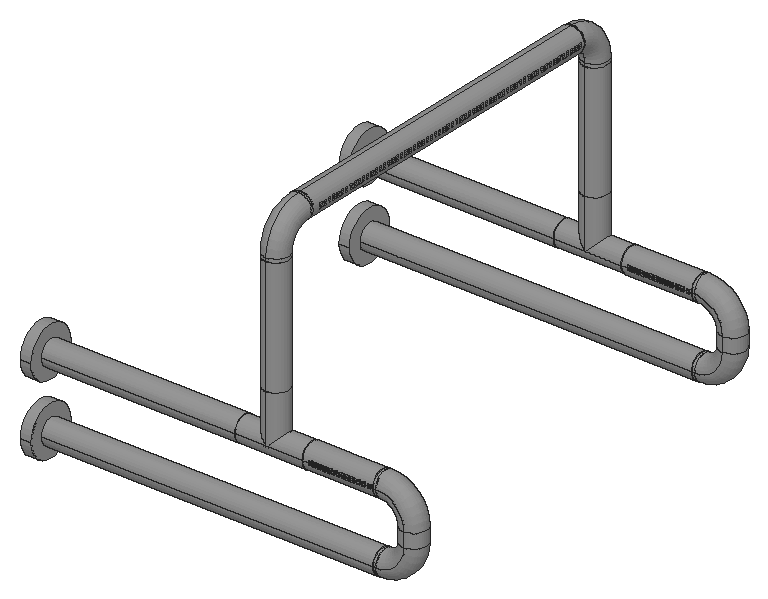
Revit family "Tube Coated Handicap Grab Bar White_IN", category Pipe Accessories, Revit 2017 (continued)
Forms (mm)
  Extrusion 354, solid, material "NYLONS"
    sketch origin (669.29, 188.593, 2.506) x (0, 1, 0) y (0, 0, -1)
      loop
        spline (93.449, -415.815) -> (93.523, -415.677) -> (93.583, -415.541) -> (93.63, -415.407) -> (93.663, -415.274) -> (93.684, -415.144) -> (93.69, -415.016) -> (93.684, -414.89) -> (93.663, -414.766) -> (93.63, -414.644) -> (93.583, -414.523) -> (93.523, -414.405) -> (93.449, -414.289)
        line (93.449, -414.289) -> (90.004, -414.289)
        spline (90.004, -414.289) -> (89.912, -414.417) -> (89.837, -414.546) -> (89.779, -414.674) -> (89.737, -414.801) -> (89.712, -414.929) -> (89.703, -415.056) -> (89.712, -415.183) -> (89.737, -415.31) -> (89.779, -415.437) -> (89.837, -415.563) -> (89.912, -415.689) -> (90.004, -415.815)
    from 317.061 to 318.374
  Extrusion 355, solid, material "NYLONS"
    sketch origin (669.29, 188.593, -2.612) x (0, 1, 0) y (0, 0, -1)
      loop
        line (90.004, -415.815) -> (93.449, -415.815)
        spline (93.449, -415.815) -> (93.523, -415.677) -> (93.583, -415.541) -> (93.63, -415.407) -> (93.663, -415.274) -> (93.684, -415.144) -> (93.69, -415.016) -> (93.684, -414.89) -> (93.663, -414.766) -> (93.63, -414.644) -> (93.583, -414.523) -> (93.523, -414.405) -> (93.449, -414.289)
        line (93.449, -414.289) -> (90.004, -414.289)
        spline (90.004, -414.289) -> (89.912, -414.417) -> (89.837, -414.546) -> (89.779, -414.674) -> (89.737, -414.801) -> (89.712, -414.929) -> (89.703, -415.056) -> (89.712, -415.183) -> (89.737, -415.31) -> (89.779, -415.437) -> (89.837, -415.563) -> (89.912, -415.689) -> (90.004, -415.815)
    from 317.061 to 318.374
  Extrusion 356, solid, material "NYLONS"
    sketch origin (669.29, 195.773, 0) x (0, 1, 0) y (0, 0, -1)
      loop
        line (90.004, -415.815) -> (93.449, -415.815)
        spline (93.449, -415.815) -> (93.523, -415.677) -> (93.583, -415.541) -> (93.63, -415.407) -> (93.663, -415.274) -> (93.684, -415.144) -> (93.69, -415.016) -> (93.684, -414.89) -> (93.663, -414.766) -> (93.63, -414.644) -> (93.583, -414.523) -> (93.523, -414.405) -> (93.449, -414.289)
        line (93.449, -414.289) -> (90.004, -414.289)
        spline (90.004, -414.289) -> (89.912, -414.417) -> (89.837, -414.546) -> (89.779, -414.674) -> (89.737, -414.801) -> (89.712, -414.929) -> (89.703, -415.056) -> (89.712, -415.183) -> (89.737, -415.31) -> (89.779, -415.437) -> (89.837, -415.563) -> (89.912, -415.689) -> (90.004, -415.815)
    from 317.061 to 318.374
  Extrusion 357, solid, material "NYLONS"
    sketch origin (669.29, 195.773, 2.506) x (0, 1, 0) y (0, 0, -1)
      loop
        line (90.004, -415.815) -> (93.449, -415.815)
        spline (93.449, -415.815) -> (93.523, -415.677) -> (93.583, -415.541) -> (93.63, -415.407) -> (93.663, -415.274) -> (93.684, -415.144) -> (93.69, -415.016) -> (93.684, -414.89) -> (93.663, -414.766) -> (93.63, -414.644) -> (93.583, -414.523) -> (93.523, -414.405) -> (93.449, -414.289)
        line (93.449, -414.289) -> (90.004, -414.289)
        spline (90.004, -414.289) -> (89.912, -414.417) -> (89.837, -414.546) -> (89.779, -414.674) -> (89.737, -414.801) -> (89.712, -414.929) -> (89.703, -415.056) -> (89.712, -415.183) -> (89.737, -415.31) -> (89.779, -415.437) -> (89.837, -415.563) -> (89.912, -415.689) -> (90.004, -415.815)
    from 317.061 to 318.374
  Extrusion 358, solid, material "NYLONS"
    sketch origin (669.29, 195.773, -2.612) x (0, 1, 0) y (0, 0, -1)
      loop
        line (90.004, -415.815) -> (93.449, -415.815)
        spline (93.449, -415.815) -> (93.523, -415.677) -> (93.583, -415.541) -> (93.63, -415.407) -> (93.663, -415.274) -> (93.684, -415.144) -> (93.69, -415.016) -> (93.684, -414.89) -> (93.663, -414.766) -> (93.63, -414.644) -> (93.583, -414.523) -> (93.523, -414.405) -> (93.449, -414.289)
        line (93.449, -414.289) -> (90.004, -414.289)
        spline (90.004, -414.289) -> (89.912, -414.417) -> (89.837, -414.546) -> (89.779, -414.674) -> (89.737, -414.801) -> (89.712, -414.929) -> (89.703, -415.056) -> (89.712, -415.183) -> (89.737, -415.31) -> (89.779, -415.437) -> (89.837, -415.563) -> (89.912, -415.689) -> (90.004, -415.815)
    from 317.061 to 318.374
  Extrusion 359, solid, material "NYLONS"
    sketch origin (669.29, 202.954, 0) x (0, 1, 0) y (0, 0, -1)
      loop
        line (90.004, -415.815) -> (93.449, -415.815)
        spline (93.449, -415.815) -> (93.523, -415.677) -> (93.583, -415.541) -> (93.63, -415.407) -> (93.663, -415.274) -> (93.684, -415.144) -> (93.69, -415.016) -> (93.684, -414.89) -> (93.663, -414.766) -> (93.63, -414.644) -> (93.583, -414.523) -> (93.523, -414.405) -> (93.449, -414.289)
        line (93.449, -414.289) -> (90.004, -414.289)
        spline (90.004, -414.289) -> (89.912, -414.417) -> (89.837, -414.546) -> (89.779, -414.674) -> (89.737, -414.801) -> (89.712, -414.929) -> (89.703, -415.056) -> (89.712, -415.183) -> (89.737, -415.31) -> (89.779, -415.437) -> (89.837, -415.563) -> (89.912, -415.689) -> (90.004, -415.815)
    from 317.061 to 318.374
  Extrusion 360, solid, material "NYLONS"
    sketch origin (669.29, 202.954, 2.506) x (0, 1, 0) y (0, 0, -1)
      loop
        line (90.004, -415.815) -> (93.449, -415.815)
        spline (93.449, -415.815) -> (93.523, -415.677) -> (93.583, -415.541) -> (93.63, -415.407) -> (93.663, -415.274) -> (93.684, -415.144) -> (93.69, -415.016) -> (93.684, -414.89) -> (93.663, -414.766) -> (93.63, -414.644) -> (93.583, -414.523) -> (93.523, -414.405) -> (93.449, -414.289)
        line (93.449, -414.289) -> (90.004, -414.289)
        spline (90.004, -414.289) -> (89.912, -414.417) -> (89.837, -414.546) -> (89.779, -414.674) -> (89.737, -414.801) -> (89.712, -414.929) -> (89.703, -415.056) -> (89.712, -415.183) -> (89.737, -415.31) -> (89.779, -415.437) -> (89.837, -415.563) -> (89.912, -415.689) -> (90.004, -415.815)
    from 317.061 to 318.374
  Extrusion 361, solid, material "NYLONS"
    sketch origin (669.29, 202.954, -2.612) x (0, 1, 0) y (0, 0, -1)
      loop
        line (90.004, -415.815) -> (93.449, -415.815)
        spline (93.449, -415.815) -> (93.523, -415.677) -> (93.583, -415.541) -> (93.63, -415.407) -> (93.663, -415.274) -> (93.684, -415.144) -> (93.69, -415.016) -> (93.684, -414.89) -> (93.663, -414.766) -> (93.63, -414.644) -> (93.583, -414.523) -> (93.523, -414.405) -> (93.449, -414.289)
        line (93.449, -414.289) -> (90.004, -414.289)
        spline (90.004, -414.289) -> (89.912, -414.417) -> (89.837, -414.546) -> (89.779, -414.674) -> (89.737, -414.801) -> (89.712, -414.929) -> (89.703, -415.056) -> (89.712, -415.183) -> (89.737, -415.31) -> (89.779, -415.437) -> (89.837, -415.563) -> (89.912, -415.689) -> (90.004, -415.815)
    from 317.061 to 318.374
  Extrusion 362, solid, material "NYLONS"
    sketch origin (669.29, 210.382, 0) x (0, 1, 0) y (0, 0, -1)
      loop
        line (90.004, -415.815) -> (93.449, -415.815)
        spline (93.449, -415.815) -> (93.523, -415.677) -> (93.583, -415.541) -> (93.63, -415.407) -> (93.663, -415.274) -> (93.684, -415.144) -> (93.69, -415.016) -> (93.684, -414.89) -> (93.663, -414.766) -> (93.63, -414.644) -> (93.583, -414.523) -> (93.523, -414.405) -> (93.449, -414.289)
        line (93.449, -414.289) -> (90.004, -414.289)
        spline (90.004, -414.289) -> (89.912, -414.417) -> (89.837, -414.546) -> (89.779, -414.674) -> (89.737, -414.801) -> (89.712, -414.929) -> (89.703, -415.056) -> (89.712, -415.183) -> (89.737, -415.31) -> (89.779, -415.437) -> (89.837, -415.563) -> (89.912, -415.689) -> (90.004, -415.815)
    from 317.061 to 318.374
  Extrusion 363, solid, material "NYLONS"
    sketch origin (669.29, 210.382, 2.506) x (0, 1, 0) y (0, 0, -1)
      loop
        line (90.004, -415.815) -> (93.449, -415.815)
        spline (93.449, -415.815) -> (93.523, -415.677) -> (93.583, -415.541) -> (93.63, -415.407) -> (93.663, -415.274) -> (93.684, -415.144) -> (93.69, -415.016) -> (93.684, -414.89) -> (93.663, -414.766) -> (93.63, -414.644) -> (93.583, -414.523) -> (93.523, -414.405) -> (93.449, -414.289)
        line (93.449, -414.289) -> (90.004, -414.289)
        spline (90.004, -414.289) -> (89.912, -414.417) -> (89.837, -414.546) -> (89.779, -414.674) -> (89.737, -414.801) -> (89.712, -414.929) -> (89.703, -415.056) -> (89.712, -415.183) -> (89.737, -415.31) -> (89.779, -415.437) -> (89.837, -415.563) -> (89.912, -415.689) -> (90.004, -415.815)
    from 317.061 to 318.374
  Extrusion 364, solid, material "NYLONS"
    sketch origin (669.29, 210.382, -2.612) x (0, 1, 0) y (0, 0, -1)
      loop
        line (90.004, -415.815) -> (93.449, -415.815)
        spline (93.449, -415.815) -> (93.523, -415.677) -> (93.583, -415.541) -> (93.63, -415.407) -> (93.663, -415.274) -> (93.684, -415.144) -> (93.69, -415.016) -> (93.684, -414.89) -> (93.663, -414.766) -> (93.63, -414.644) -> (93.583, -414.523) -> (93.523, -414.405) -> (93.449, -414.289)
        line (93.449, -414.289) -> (90.004, -414.289)
        spline (90.004, -414.289) -> (89.912, -414.417) -> (89.837, -414.546) -> (89.779, -414.674) -> (89.737, -414.801) -> (89.712, -414.929) -> (89.703, -415.056) -> (89.712, -415.183) -> (89.737, -415.31) -> (89.779, -415.437) -> (89.837, -415.563) -> (89.912, -415.689) -> (90.004, -415.815)
    from 317.061 to 318.374
  Extrusion 365, solid, material "NYLONS"
    sketch origin (669.29, 218.058, 0) x (0, 1, 0) y (0, 0, -1)
      loop
        line (90.004, -415.815) -> (93.449, -415.815)
        spline (93.449, -415.815) -> (93.523, -415.677) -> (93.583, -415.541) -> (93.63, -415.407) -> (93.663, -415.274) -> (93.684, -415.144) -> (93.69, -415.016) -> (93.684, -414.89) -> (93.663, -414.766) -> (93.63, -414.644) -> (93.583, -414.523) -> (93.523, -414.405) -> (93.449, -414.289)
        line (93.449, -414.289) -> (90.004, -414.289)
        spline (90.004, -414.289) -> (89.912, -414.417) -> (89.837, -414.546) -> (89.779, -414.674) -> (89.737, -414.801) -> (89.712, -414.929) -> (89.703, -415.056) -> (89.712, -415.183) -> (89.737, -415.31) -> (89.779, -415.437) -> (89.837, -415.563) -> (89.912, -415.689) -> (90.004, -415.815)
    from 317.061 to 318.374
  Extrusion 366, solid, material "NYLONS"
    sketch origin (669.29, 218.058, 2.506) x (0, 1, 0) y (0, 0, -1)
      loop
        line (90.004, -415.815) -> (93.449, -415.815)
        spline (93.449, -415.815) -> (93.523, -415.677) -> (93.583, -415.541) -> (93.63, -415.407) -> (93.663, -415.274) -> (93.684, -415.144) -> (93.69, -415.016) -> (93.684, -414.89) -> (93.663, -414.766) -> (93.63, -414.644) -> (93.583, -414.523) -> (93.523, -414.405) -> (93.449, -414.289)
        line (93.449, -414.289) -> (90.004, -414.289)
        spline (90.004, -414.289) -> (89.912, -414.417) -> (89.837, -414.546) -> (89.779, -414.674) -> (89.737, -414.801) -> (89.712, -414.929) -> (89.703, -415.056) -> (89.712, -415.183) -> (89.737, -415.31) -> (89.779, -415.437) -> (89.837, -415.563) -> (89.912, -415.689) -> (90.004, -415.815)
    from 317.061 to 318.374
  Extrusion 367, solid, material "NYLONS"
    sketch origin (669.29, 218.058, -2.612) x (0, 1, 0) y (0, 0, -1)
      loop
        line (90.004, -415.815) -> (93.449, -415.815)
        spline (93.449, -415.815) -> (93.523, -415.677) -> (93.583, -415.541) -> (93.63, -415.407) -> (93.663, -415.274) -> (93.684, -415.144) -> (93.69, -415.016) -> (93.684, -414.89) -> (93.663, -414.766) -> (93.63, -414.644) -> (93.583, -414.523) -> (93.523, -414.405) -> (93.449, -414.289)
        line (93.449, -414.289) -> (90.004, -414.289)
        spline (90.004, -414.289) -> (89.912, -414.417) -> (89.837, -414.546) -> (89.779, -414.674) -> (89.737, -414.801) -> (89.712, -414.929) -> (89.703, -415.056) -> (89.712, -415.183) -> (89.737, -415.31) -> (89.779, -415.437) -> (89.837, -415.563) -> (89.912, -415.689) -> (90.004, -415.815)
    from 317.061 to 318.374
  Extrusion 368, solid, material "NYLONS"
    sketch origin (669.29, 225.568, 0) x (0, 1, 0) y (0, 0, -1)
      loop
        line (90.004, -415.815) -> (93.449, -415.815)
        spline (93.449, -415.815) -> (93.523, -415.677) -> (93.583, -415.541) -> (93.63, -415.407) -> (93.663, -415.274) -> (93.684, -415.144) -> (93.69, -415.016) -> (93.684, -414.89) -> (93.663, -414.766) -> (93.63, -414.644) -> (93.583, -414.523) -> (93.523, -414.405) -> (93.449, -414.289)
        line (93.449, -414.289) -> (90.004, -414.289)
        spline (90.004, -414.289) -> (89.912, -414.417) -> (89.837, -414.546) -> (89.779, -414.674) -> (89.737, -414.801) -> (89.712, -414.929) -> (89.703, -415.056) -> (89.712, -415.183) -> (89.737, -415.31) -> (89.779, -415.437) -> (89.837, -415.563) -> (89.912, -415.689) -> (90.004, -415.815)
    from 317.061 to 318.374
  Extrusion 369, solid, material "NYLONS"
    sketch origin (669.29, 225.568, 2.506) x (0, 1, 0) y (0, 0, -1)
      loop
        line (90.004, -415.815) -> (93.449, -415.815)
        spline (93.449, -415.815) -> (93.523, -415.677) -> (93.583, -415.541) -> (93.63, -415.407) -> (93.663, -415.274) -> (93.684, -415.144) -> (93.69, -415.016) -> (93.684, -414.89) -> (93.663, -414.766) -> (93.63, -414.644) -> (93.583, -414.523) -> (93.523, -414.405) -> (93.449, -414.289)
        line (93.449, -414.289) -> (90.004, -414.289)
        spline (90.004, -414.289) -> (89.912, -414.417) -> (89.837, -414.546) -> (89.779, -414.674) -> (89.737, -414.801) -> (89.712, -414.929) -> (89.703, -415.056) -> (89.712, -415.183) -> (89.737, -415.31) -> (89.779, -415.437) -> (89.837, -415.563) -> (89.912, -415.689) -> (90.004, -415.815)
    from 317.061 to 318.374
  Extrusion 370, solid, material "NYLONS"
    sketch origin (669.29, 225.568, -2.612) x (0, 1, 0) y (0, 0, -1)
      loop
        line (90.004, -415.815) -> (93.449, -415.815)
        spline (93.449, -415.815) -> (93.523, -415.677) -> (93.583, -415.541) -> (93.63, -415.407) -> (93.663, -415.274) -> (93.684, -415.144) -> (93.69, -415.016) -> (93.684, -414.89) -> (93.663, -414.766) -> (93.63, -414.644) -> (93.583, -414.523) -> (93.523, -414.405) -> (93.449, -414.289)
        line (93.449, -414.289) -> (90.004, -414.289)
        spline (90.004, -414.289) -> (89.912, -414.417) -> (89.837, -414.546) -> (89.779, -414.674) -> (89.737, -414.801) -> (89.712, -414.929) -> (89.703, -415.056) -> (89.712, -415.183) -> (89.737, -415.31) -> (89.779, -415.437) -> (89.837, -415.563) -> (89.912, -415.689) -> (90.004, -415.815)
    from 317.061 to 318.374
  Extrusion 371, solid, material "NYLONS"
    sketch origin (669.29, 232.976, 0) x (0, 1, 0) y (0, 0, -1)
      loop
        line (90.004, -415.815) -> (93.449, -415.815)
        spline (93.449, -415.815) -> (93.523, -415.677) -> (93.583, -415.541) -> (93.63, -415.407) -> (93.663, -415.274) -> (93.684, -415.144) -> (93.69, -415.016) -> (93.684, -414.89) -> (93.663, -414.766) -> (93.63, -414.644) -> (93.583, -414.523) -> (93.523, -414.405) -> (93.449, -414.289)
        line (93.449, -414.289) -> (90.004, -414.289)
        spline (90.004, -414.289) -> (89.912, -414.417) -> (89.837, -414.546) -> (89.779, -414.674) -> (89.737, -414.801) -> (89.712, -414.929) -> (89.703, -415.056) -> (89.712, -415.183) -> (89.737, -415.31) -> (89.779, -415.437) -> (89.837, -415.563) -> (89.912, -415.689) -> (90.004, -415.815)
    from 317.061 to 318.374
  Extrusion 372, solid, material "NYLONS"
    sketch origin (669.29, 232.976, 2.506) x (0, 1, 0) y (0, 0, -1)
      loop
        line (90.004, -415.815) -> (93.449, -415.815)
        spline (93.449, -415.815) -> (93.523, -415.677) -> (93.583, -415.541) -> (93.63, -415.407) -> (93.663, -415.274) -> (93.684, -415.144) -> (93.69, -415.016) -> (93.684, -414.89) -> (93.663, -414.766) -> (93.63, -414.644) -> (93.583, -414.523) -> (93.523, -414.405) -> (93.449, -414.289)
        line (93.449, -414.289) -> (90.004, -414.289)
        spline (90.004, -414.289) -> (89.912, -414.417) -> (89.837, -414.546) -> (89.779, -414.674) -> (89.737, -414.801) -> (89.712, -414.929) -> (89.703, -415.056) -> (89.712, -415.183) -> (89.737, -415.31) -> (89.779, -415.437) -> (89.837, -415.563) -> (89.912, -415.689) -> (90.004, -415.815)
    from 317.061 to 318.374
  Extrusion 373, solid, material "NYLONS"
    sketch origin (669.29, 232.976, -2.612) x (0, 1, 0) y (0, 0, -1)
      loop
        line (90.004, -415.815) -> (93.449, -415.815)
        spline (93.449, -415.815) -> (93.523, -415.677) -> (93.583, -415.541) -> (93.63, -415.407) -> (93.663, -415.274) -> (93.684, -415.144) -> (93.69, -415.016) -> (93.684, -414.89) -> (93.663, -414.766) -> (93.63, -414.644) -> (93.583, -414.523) -> (93.523, -414.405) -> (93.449, -414.289)
        line (93.449, -414.289) -> (90.004, -414.289)
        spline (90.004, -414.289) -> (89.912, -414.417) -> (89.837, -414.546) -> (89.779, -414.674) -> (89.737, -414.801) -> (89.712, -414.929) -> (89.703, -415.056) -> (89.712, -415.183) -> (89.737, -415.31) -> (89.779, -415.437) -> (89.837, -415.563) -> (89.912, -415.689) -> (90.004, -415.815)
    from 317.061 to 318.374
  Extrusion 374, solid, material "NYLONS"
    sketch origin (669.29, 240.584, 0) x (0, 1, 0) y (0, 0, -1)
      loop
        line (90.004, -415.815) -> (93.449, -415.815)
        spline (93.449, -415.815) -> (93.523, -415.677) -> (93.583, -415.541) -> (93.63, -415.407) -> (93.663, -415.274) -> (93.684, -415.144) -> (93.69, -415.016) -> (93.684, -414.89) -> (93.663, -414.766) -> (93.63, -414.644) -> (93.583, -414.523) -> (93.523, -414.405) -> (93.449, -414.289)
        line (93.449, -414.289) -> (90.004, -414.289)
        spline (90.004, -414.289) -> (89.912, -414.417) -> (89.837, -414.546) -> (89.779, -414.674) -> (89.737, -414.801) -> (89.712, -414.929) -> (89.703, -415.056) -> (89.712, -415.183) -> (89.737, -415.31) -> (89.779, -415.437) -> (89.837, -415.563) -> (89.912, -415.689) -> (90.004, -415.815)
    from 317.061 to 318.374
  Extrusion 375, solid, material "NYLONS"
    sketch origin (669.29, 240.584, 2.506) x (0, 1, 0) y (0, 0, -1)
      loop
        line (90.004, -415.815) -> (93.449, -415.815)
        spline (93.449, -415.815) -> (93.523, -415.677) -> (93.583, -415.541) -> (93.63, -415.407) -> (93.663, -415.274) -> (93.684, -415.144) -> (93.69, -415.016) -> (93.684, -414.89) -> (93.663, -414.766) -> (93.63, -414.644) -> (93.583, -414.523) -> (93.523, -414.405) -> (93.449, -414.289)
        line (93.449, -414.289) -> (90.004, -414.289)
        spline (90.004, -414.289) -> (89.912, -414.417) -> (89.837, -414.546) -> (89.779, -414.674) -> (89.737, -414.801) -> (89.712, -414.929) -> (89.703, -415.056) -> (89.712, -415.183) -> (89.737, -415.31) -> (89.779, -415.437) -> (89.837, -415.563) -> (89.912, -415.689) -> (90.004, -415.815)
    from 317.061 to 318.374
  Extrusion 376, solid, material "NYLONS"
    sketch origin (669.29, 240.584, -2.612) x (0, 1, 0) y (0, 0, -1)
      loop
        line (90.004, -415.815) -> (93.449, -415.815)
        spline (93.449, -415.815) -> (93.523, -415.677) -> (93.583, -415.541) -> (93.63, -415.407) -> (93.663, -415.274) -> (93.684, -415.144) -> (93.69, -415.016) -> (93.684, -414.89) -> (93.663, -414.766) -> (93.63, -414.644) -> (93.583, -414.523) -> (93.523, -414.405) -> (93.449, -414.289)
        line (93.449, -414.289) -> (90.004, -414.289)
        spline (90.004, -414.289) -> (89.912, -414.417) -> (89.837, -414.546) -> (89.779, -414.674) -> (89.737, -414.801) -> (89.712, -414.929) -> (89.703, -415.056) -> (89.712, -415.183) -> (89.737, -415.31) -> (89.779, -415.437) -> (89.837, -415.563) -> (89.912, -415.689) -> (90.004, -415.815)
    from 317.061 to 318.374
  Extrusion 377, solid, material "NYLONS"
    sketch origin (669.29, 248.12, 0) x (0, 1, 0) y (0, 0, -1)
      loop
        line (90.004, -415.815) -> (93.449, -415.815)
        spline (93.449, -415.815) -> (93.523, -415.677) -> (93.583, -415.541) -> (93.63, -415.407) -> (93.663, -415.274) -> (93.684, -415.144) -> (93.69, -415.016) -> (93.684, -414.89) -> (93.663, -414.766) -> (93.63, -414.644) -> (93.583, -414.523) -> (93.523, -414.405) -> (93.449, -414.289)
        line (93.449, -414.289) -> (90.004, -414.289)
        spline (90.004, -414.289) -> (89.912, -414.417) -> (89.837, -414.546) -> (89.779, -414.674) -> (89.737, -414.801) -> (89.712, -414.929) -> (89.703, -415.056) -> (89.712, -415.183) -> (89.737, -415.31) -> (89.779, -415.437) -> (89.837, -415.563) -> (89.912, -415.689) -> (90.004, -415.815)
    from 317.061 to 318.374
  Extrusion 378, solid, material "NYLONS"
    sketch origin (669.29, 248.12, 2.506) x (0, 1, 0) y (0, 0, -1)
      loop
        line (90.004, -415.815) -> (93.449, -415.815)
        spline (93.449, -415.815) -> (93.523, -415.677) -> (93.583, -415.541) -> (93.63, -415.407) -> (93.663, -415.274) -> (93.684, -415.144) -> (93.69, -415.016) -> (93.684, -414.89) -> (93.663, -414.766) -> (93.63, -414.644) -> (93.583, -414.523) -> (93.523, -414.405) -> (93.449, -414.289)
        line (93.449, -414.289) -> (90.004, -414.289)
        spline (90.004, -414.289) -> (89.912, -414.417) -> (89.837, -414.546) -> (89.779, -414.674) -> (89.737, -414.801) -> (89.712, -414.929) -> (89.703, -415.056) -> (89.712, -415.183) -> (89.737, -415.31) -> (89.779, -415.437) -> (89.837, -415.563) -> (89.912, -415.689) -> (90.004, -415.815)
    from 317.061 to 318.374
  Extrusion 379, solid, material "NYLONS"
    sketch origin (669.29, 248.12, -2.612) x (0, 1, 0) y (0, 0, -1)
      loop
        line (90.004, -415.815) -> (93.449, -415.815)
        spline (93.449, -415.815) -> (93.523, -415.677) -> (93.583, -415.541) -> (93.63, -415.407) -> (93.663, -415.274) -> (93.684, -415.144) -> (93.69, -415.016) -> (93.684, -414.89) -> (93.663, -414.766) -> (93.63, -414.644) -> (93.583, -414.523) -> (93.523, -414.405) -> (93.449, -414.289)
        line (93.449, -414.289) -> (90.004, -414.289)
        spline (90.004, -414.289) -> (89.912, -414.417) -> (89.837, -414.546) -> (89.779, -414.674) -> (89.737, -414.801) -> (89.712, -414.929) -> (89.703, -415.056) -> (89.712, -415.183) -> (89.737, -415.31) -> (89.779, -415.437) -> (89.837, -415.563) -> (89.912, -415.689) -> (90.004, -415.815)
    from 317.061 to 318.374
  Extrusion 380, solid, material "NYLONS"
    sketch origin (669.29, 255.62, 0) x (0, 1, 0) y (0, 0, -1)
      loop
        line (90.004, -415.815) -> (93.449, -415.815)
        spline (93.449, -415.815) -> (93.523, -415.677) -> (93.583, -415.541) -> (93.63, -415.407) -> (93.663, -415.274) -> (93.684, -415.144) -> (93.69, -415.016) -> (93.684, -414.89) -> (93.663, -414.766) -> (93.63, -414.644) -> (93.583, -414.523) -> (93.523, -414.405) -> (93.449, -414.289)
        line (93.449, -414.289) -> (90.004, -414.289)
        spline (90.004, -414.289) -> (89.912, -414.417) -> (89.837, -414.546) -> (89.779, -414.674) -> (89.737, -414.801) -> (89.712, -414.929) -> (89.703, -415.056) -> (89.712, -415.183) -> (89.737, -415.31) -> (89.779, -415.437) -> (89.837, -415.563) -> (89.912, -415.689) -> (90.004, -415.815)
    from 317.061 to 318.374
  Extrusion 381, solid, material "NYLONS"
    sketch origin (669.29, 255.62, 2.506) x (0, 1, 0) y (0, 0, -1)
      loop
        line (90.004, -415.815) -> (93.449, -415.815)
        spline (93.449, -415.815) -> (93.523, -415.677) -> (93.583, -415.541) -> (93.63, -415.407) -> (93.663, -415.274) -> (93.684, -415.144) -> (93.69, -415.016) -> (93.684, -414.89) -> (93.663, -414.766) -> (93.63, -414.644) -> (93.583, -414.523) -> (93.523, -414.405) -> (93.449, -414.289)
        line (93.449, -414.289) -> (90.004, -414.289)
        spline (90.004, -414.289) -> (89.912, -414.417) -> (89.837, -414.546) -> (89.779, -414.674) -> (89.737, -414.801) -> (89.712, -414.929) -> (89.703, -415.056) -> (89.712, -415.183) -> (89.737, -415.31) -> (89.779, -415.437) -> (89.837, -415.563) -> (89.912, -415.689) -> (90.004, -415.815)
    from 317.061 to 318.374
  Extrusion 382, solid, material "NYLONS"
    sketch origin (669.29, 255.62, -2.612) x (0, 1, 0) y (0, 0, -1)
      loop
        line (90.004, -415.815) -> (93.449, -415.815)
        spline (93.449, -415.815) -> (93.523, -415.677) -> (93.583, -415.541) -> (93.63, -415.407) -> (93.663, -415.274) -> (93.684, -415.144) -> (93.69, -415.016) -> (93.684, -414.89) -> (93.663, -414.766) -> (93.63, -414.644) -> (93.583, -414.523) -> (93.523, -414.405) -> (93.449, -414.289)
        line (93.449, -414.289) -> (90.004, -414.289)
        spline (90.004, -414.289) -> (89.912, -414.417) -> (89.837, -414.546) -> (89.779, -414.674) -> (89.737, -414.801) -> (89.712, -414.929) -> (89.703, -415.056) -> (89.712, -415.183) -> (89.737, -415.31) -> (89.779, -415.437) -> (89.837, -415.563) -> (89.912, -415.689) -> (90.004, -415.815)
    from 317.061 to 318.374
  Extrusion 383, solid, material "NYLONS"
    sketch origin (669.29, 263.191, 0) x (0, 1, 0) y (0, 0, -1)
      loop
        line (90.004, -415.815) -> (93.449, -415.815)
        spline (93.449, -415.815) -> (93.523, -415.677) -> (93.583, -415.541) -> (93.63, -415.407) -> (93.663, -415.274) -> (93.684, -415.144) -> (93.69, -415.016) -> (93.684, -414.89) -> (93.663, -414.766) -> (93.63, -414.644) -> (93.583, -414.523) -> (93.523, -414.405) -> (93.449, -414.289)
        line (93.449, -414.289) -> (90.004, -414.289)
        spline (90.004, -414.289) -> (89.912, -414.417) -> (89.837, -414.546) -> (89.779, -414.674) -> (89.737, -414.801) -> (89.712, -414.929) -> (89.703, -415.056) -> (89.712, -415.183) -> (89.737, -415.31) -> (89.779, -415.437) -> (89.837, -415.563) -> (89.912, -415.689) -> (90.004, -415.815)
    from 317.061 to 318.374
  Extrusion 384, solid, material "NYLONS"
    sketch origin (669.29, 263.191, 2.506) x (0, 1, 0) y (0, 0, -1)
      loop
        line (90.004, -415.815) -> (93.449, -415.815)
        spline (93.449, -415.815) -> (93.523, -415.677) -> (93.583, -415.541) -> (93.63, -415.407) -> (93.663, -415.274) -> (93.684, -415.144) -> (93.69, -415.016) -> (93.684, -414.89) -> (93.663, -414.766) -> (93.63, -414.644) -> (93.583, -414.523) -> (93.523, -414.405) -> (93.449, -414.289)
        line (93.449, -414.289) -> (90.004, -414.289)
        spline (90.004, -414.289) -> (89.912, -414.417) -> (89.837, -414.546) -> (89.779, -414.674) -> (89.737, -414.801) -> (89.712, -414.929) -> (89.703, -415.056) -> (89.712, -415.183) -> (89.737, -415.31) -> (89.779, -415.437) -> (89.837, -415.563) -> (89.912, -415.689) -> (90.004, -415.815)
    from 317.061 to 318.374
  Extrusion 385, solid, material "NYLONS"
    sketch origin (669.29, 263.191, -2.612) x (0, 1, 0) y (0, 0, -1)
      loop
        line (90.004, -415.815) -> (93.449, -415.815)
        spline (93.449, -415.815) -> (93.523, -415.677) -> (93.583, -415.541) -> (93.63, -415.407) -> (93.663, -415.274) -> (93.684, -415.144) -> (93.69, -415.016) -> (93.684, -414.89) -> (93.663, -414.766) -> (93.63, -414.644) -> (93.583, -414.523) -> (93.523, -414.405) -> (93.449, -414.289)
        line (93.449, -414.289) -> (90.004, -414.289)
        spline (90.004, -414.289) -> (89.912, -414.417) -> (89.837, -414.546) -> (89.779, -414.674) -> (89.737, -414.801) -> (89.712, -414.929) -> (89.703, -415.056) -> (89.712, -415.183) -> (89.737, -415.31) -> (89.779, -415.437) -> (89.837, -415.563) -> (89.912, -415.689) -> (90.004, -415.815)
    from 317.061 to 318.374
  Extrusion 386, solid, material "NYLONS"
    sketch origin (669.29, 270.799, 0) x (0, 1, 0) y (0, 0, -1)
      loop
        line (90.004, -415.815) -> (93.449, -415.815)
        spline (93.449, -415.815) -> (93.523, -415.677) -> (93.583, -415.541) -> (93.63, -415.407) -> (93.663, -415.274) -> (93.684, -415.144) -> (93.69, -415.016) -> (93.684, -414.89) -> (93.663, -414.766) -> (93.63, -414.644) -> (93.583, -414.523) -> (93.523, -414.405) -> (93.449, -414.289)
        line (93.449, -414.289) -> (90.004, -414.289)
        spline (90.004, -414.289) -> (89.912, -414.417) -> (89.837, -414.546) -> (89.779, -414.674) -> (89.737, -414.801) -> (89.712, -414.929) -> (89.703, -415.056) -> (89.712, -415.183) -> (89.737, -415.31) -> (89.779, -415.437) -> (89.837, -415.563) -> (89.912, -415.689) -> (90.004, -415.815)
    from 317.061 to 318.374
  Extrusion 387, solid, material "NYLONS"
    sketch origin (669.29, 270.799, 2.506) x (0, 1, 0) y (0, 0, -1)
      loop
        line (90.004, -415.815) -> (93.449, -415.815)
        spline (93.449, -415.815) -> (93.523, -415.677) -> (93.583, -415.541) -> (93.63, -415.407) -> (93.663, -415.274) -> (93.684, -415.144) -> (93.69, -415.016) -> (93.684, -414.89) -> (93.663, -414.766) -> (93.63, -414.644) -> (93.583, -414.523) -> (93.523, -414.405) -> (93.449, -414.289)
        line (93.449, -414.289) -> (90.004, -414.289)
        spline (90.004, -414.289) -> (89.912, -414.417) -> (89.837, -414.546) -> (89.779, -414.674) -> (89.737, -414.801) -> (89.712, -414.929) -> (89.703, -415.056) -> (89.712, -415.183) -> (89.737, -415.31) -> (89.779, -415.437) -> (89.837, -415.563) -> (89.912, -415.689) -> (90.004, -415.815)
    from 317.061 to 318.374
  Extrusion 388, solid, material "NYLONS"
    sketch origin (669.29, 270.799, -2.612) x (0, 1, 0) y (0, 0, -1)
      loop
        line (90.004, -415.815) -> (93.449, -415.815)
        spline (93.449, -415.815) -> (93.523, -415.677) -> (93.583, -415.541) -> (93.63, -415.407) -> (93.663, -415.274) -> (93.684, -415.144) -> (93.69, -415.016) -> (93.684, -414.89) -> (93.663, -414.766) -> (93.63, -414.644) -> (93.583, -414.523) -> (93.523, -414.405) -> (93.449, -414.289)
        line (93.449, -414.289) -> (90.004, -414.289)
        spline (90.004, -414.289) -> (89.912, -414.417) -> (89.837, -414.546) -> (89.779, -414.674) -> (89.737, -414.801) -> (89.712, -414.929) -> (89.703, -415.056) -> (89.712, -415.183) -> (89.737, -415.31) -> (89.779, -415.437) -> (89.837, -415.563) -> (89.912, -415.689) -> (90.004, -415.815)
    from 317.061 to 318.374
  Extrusion 389, solid, material "NYLONS"
    sketch origin (669.29, 278.263, 0) x (0, 1, 0) y (0, 0, -1)
      loop
        line (90.004, -415.815) -> (93.449, -415.815)
        spline (93.449, -415.815) -> (93.523, -415.677) -> (93.583, -415.541) -> (93.63, -415.407) -> (93.663, -415.274) -> (93.684, -415.144) -> (93.69, -415.016) -> (93.684, -414.89) -> (93.663, -414.766) -> (93.63, -414.644) -> (93.583, -414.523) -> (93.523, -414.405) -> (93.449, -414.289)
        line (93.449, -414.289) -> (90.004, -414.289)
        spline (90.004, -414.289) -> (89.912, -414.417) -> (89.837, -414.546) -> (89.779, -414.674) -> (89.737, -414.801) -> (89.712, -414.929) -> (89.703, -415.056) -> (89.712, -415.183) -> (89.737, -415.31) -> (89.779, -415.437) -> (89.837, -415.563) -> (89.912, -415.689) -> (90.004, -415.815)
    from 317.061 to 318.374
  Extrusion 390, solid, material "NYLONS"
    sketch origin (669.29, 278.263, 2.506) x (0, 1, 0) y (0, 0, -1)
      loop
        line (90.004, -415.815) -> (93.449, -415.815)
        spline (93.449, -415.815) -> (93.523, -415.677) -> (93.583, -415.541) -> (93.63, -415.407) -> (93.663, -415.274) -> (93.684, -415.144) -> (93.69, -415.016) -> (93.684, -414.89) -> (93.663, -414.766) -> (93.63, -414.644) -> (93.583, -414.523) -> (93.523, -414.405) -> (93.449, -414.289)
        line (93.449, -414.289) -> (90.004, -414.289)
        spline (90.004, -414.289) -> (89.912, -414.417) -> (89.837, -414.546) -> (89.779, -414.674) -> (89.737, -414.801) -> (89.712, -414.929) -> (89.703, -415.056) -> (89.712, -415.183) -> (89.737, -415.31) -> (89.779, -415.437) -> (89.837, -415.563) -> (89.912, -415.689) -> (90.004, -415.815)
    from 317.061 to 318.374
  Extrusion 391, solid, material "NYLONS"
    sketch origin (669.29, 278.263, -2.612) x (0, 1, 0) y (0, 0, -1)
      loop
        line (90.004, -415.815) -> (93.449, -415.815)
        spline (93.449, -415.815) -> (93.523, -415.677) -> (93.583, -415.541) -> (93.63, -415.407) -> (93.663, -415.274) -> (93.684, -415.144) -> (93.69, -415.016) -> (93.684, -414.89) -> (93.663, -414.766) -> (93.63, -414.644) -> (93.583, -414.523) -> (93.523, -414.405) -> (93.449, -414.289)
        line (93.449, -414.289) -> (90.004, -414.289)
        spline (90.004, -414.289) -> (89.912, -414.417) -> (89.837, -414.546) -> (89.779, -414.674) -> (89.737, -414.801) -> (89.712, -414.929) -> (89.703, -415.056) -> (89.712, -415.183) -> (89.737, -415.31) -> (89.779, -415.437) -> (89.837, -415.563) -> (89.912, -415.689) -> (90.004, -415.815)
    from 317.061 to 318.374
  Extrusion 392, solid, material "NYLONS"
    sketch origin (669.29, 285.799, 0) x (0, 1, 0) y (0, 0, -1)
      loop
        line (90.004, -415.815) -> (93.449, -415.815)
        spline (93.449, -415.815) -> (93.523, -415.677) -> (93.583, -415.541) -> (93.63, -415.407) -> (93.663, -415.274) -> (93.684, -415.144) -> (93.69, -415.016) -> (93.684, -414.89) -> (93.663, -414.766) -> (93.63, -414.644) -> (93.583, -414.523) -> (93.523, -414.405) -> (93.449, -414.289)
        line (93.449, -414.289) -> (90.004, -414.289)
        spline (90.004, -414.289) -> (89.912, -414.417) -> (89.837, -414.546) -> (89.779, -414.674) -> (89.737, -414.801) -> (89.712, -414.929) -> (89.703, -415.056) -> (89.712, -415.183) -> (89.737, -415.31) -> (89.779, -415.437) -> (89.837, -415.563) -> (89.912, -415.689) -> (90.004, -415.815)
    from 317.061 to 318.374
  Extrusion 393, solid, material "NYLONS"
    sketch origin (669.29, 285.799, 2.506) x (0, 1, 0) y (0, 0, -1)
      loop
        line (90.004, -415.815) -> (93.449, -415.815)
        spline (93.449, -415.815) -> (93.523, -415.677) -> (93.583, -415.541) -> (93.63, -415.407) -> (93.663, -415.274) -> (93.684, -415.144) -> (93.69, -415.016) -> (93.684, -414.89) -> (93.663, -414.766) -> (93.63, -414.644) -> (93.583, -414.523) -> (93.523, -414.405) -> (93.449, -414.289)
        line (93.449, -414.289) -> (90.004, -414.289)
        spline (90.004, -414.289) -> (89.912, -414.417) -> (89.837, -414.546) -> (89.779, -414.674) -> (89.737, -414.801) -> (89.712, -414.929) -> (89.703, -415.056) -> (89.712, -415.183) -> (89.737, -415.31) -> (89.779, -415.437) -> (89.837, -415.563) -> (89.912, -415.689) -> (90.004, -415.815)
    from 317.061 to 318.374
  Extrusion 394, solid, material "NYLONS"
    sketch origin (669.29, 285.799, -2.612) x (0, 1, 0) y (0, 0, -1)
      loop
        line (90.004, -415.815) -> (93.449, -415.815)
        spline (93.449, -415.815) -> (93.523, -415.677) -> (93.583, -415.541) -> (93.63, -415.407) -> (93.663, -415.274) -> (93.684, -415.144) -> (93.69, -415.016) -> (93.684, -414.89) -> (93.663, -414.766) -> (93.63, -414.644) -> (93.583, -414.523) -> (93.523, -414.405) -> (93.449, -414.289)
        line (93.449, -414.289) -> (90.004, -414.289)
        spline (90.004, -414.289) -> (89.912, -414.417) -> (89.837, -414.546) -> (89.779, -414.674) -> (89.737, -414.801) -> (89.712, -414.929) -> (89.703, -415.056) -> (89.712, -415.183) -> (89.737, -415.31) -> (89.779, -415.437) -> (89.837, -415.563) -> (89.912, -415.689) -> (90.004, -415.815)
    from 317.061 to 318.374
  Extrusion 395, solid, material "NYLONS"
    sketch origin (669.29, 293.406, 0) x (0, 1, 0) y (0, 0, -1)
      loop
        line (90.004, -415.815) -> (93.449, -415.815)
        spline (93.449, -415.815) -> (93.523, -415.677) -> (93.583, -415.541) -> (93.63, -415.407) -> (93.663, -415.274) -> (93.684, -415.144) -> (93.69, -415.016) -> (93.684, -414.89) -> (93.663, -414.766) -> (93.63, -414.644) -> (93.583, -414.523) -> (93.523, -414.405) -> (93.449, -414.289)
        line (93.449, -414.289) -> (90.004, -414.289)
        spline (90.004, -414.289) -> (89.912, -414.417) -> (89.837, -414.546) -> (89.779, -414.674) -> (89.737, -414.801) -> (89.712, -414.929) -> (89.703, -415.056) -> (89.712, -415.183) -> (89.737, -415.31) -> (89.779, -415.437) -> (89.837, -415.563) -> (89.912, -415.689) -> (90.004, -415.815)
    from 317.061 to 318.374
  Extrusion 396, solid, material "NYLONS"
    sketch origin (669.29, 293.406, 2.506) x (0, 1, 0) y (0, 0, -1)
      loop
        line (90.004, -415.815) -> (93.449, -415.815)
        spline (93.449, -415.815) -> (93.523, -415.677) -> (93.583, -415.541) -> (93.63, -415.407) -> (93.663, -415.274) -> (93.684, -415.144) -> (93.69, -415.016) -> (93.684, -414.89) -> (93.663, -414.766) -> (93.63, -414.644) -> (93.583, -414.523) -> (93.523, -414.405) -> (93.449, -414.289)
        line (93.449, -414.289) -> (90.004, -414.289)
        spline (90.004, -414.289) -> (89.912, -414.417) -> (89.837, -414.546) -> (89.779, -414.674) -> (89.737, -414.801) -> (89.712, -414.929) -> (89.703, -415.056) -> (89.712, -415.183) -> (89.737, -415.31) -> (89.779, -415.437) -> (89.837, -415.563) -> (89.912, -415.689) -> (90.004, -415.815)
    from 317.061 to 318.374
  Extrusion 397, solid, material "NYLONS"
    sketch origin (669.29, 293.406, -2.612) x (0, 1, 0) y (0, 0, -1)
      loop
        line (90.004, -415.815) -> (93.449, -415.815)
        spline (93.449, -415.815) -> (93.523, -415.677) -> (93.583, -415.541) -> (93.63, -415.407) -> (93.663, -415.274) -> (93.684, -415.144) -> (93.69, -415.016) -> (93.684, -414.89) -> (93.663, -414.766) -> (93.63, -414.644) -> (93.583, -414.523) -> (93.523, -414.405) -> (93.449, -414.289)
        line (93.449, -414.289) -> (90.004, -414.289)
        spline (90.004, -414.289) -> (89.912, -414.417) -> (89.837, -414.546) -> (89.779, -414.674) -> (89.737, -414.801) -> (89.712, -414.929) -> (89.703, -415.056) -> (89.712, -415.183) -> (89.737, -415.31) -> (89.779, -415.437) -> (89.837, -415.563) -> (89.912, -415.689) -> (90.004, -415.815)
    from 317.061 to 318.374
  Extrusion 398, solid, material "NYLONS"
    sketch origin (669.29, 300.87, 0) x (0, 1, 0) y (0, 0, -1)
      loop
        line (90.004, -415.815) -> (93.449, -415.815)
        spline (93.449, -415.815) -> (93.523, -415.677) -> (93.583, -415.541) -> (93.63, -415.407) -> (93.663, -415.274) -> (93.684, -415.144) -> (93.69, -415.016) -> (93.684, -414.89) -> (93.663, -414.766) -> (93.63, -414.644) -> (93.583, -414.523) -> (93.523, -414.405) -> (93.449, -414.289)
        line (93.449, -414.289) -> (90.004, -414.289)
        spline (90.004, -414.289) -> (89.912, -414.417) -> (89.837, -414.546) -> (89.779, -414.674) -> (89.737, -414.801) -> (89.712, -414.929) -> (89.703, -415.056) -> (89.712, -415.183) -> (89.737, -415.31) -> (89.779, -415.437) -> (89.837, -415.563) -> (89.912, -415.689) -> (90.004, -415.815)
    from 317.061 to 318.374
  Extrusion 399, solid, material "NYLONS"
    sketch origin (669.29, 300.87, 2.506) x (0, 1, 0) y (0, 0, -1)
      loop
        line (90.004, -415.815) -> (93.449, -415.815)
        spline (93.449, -415.815) -> (93.523, -415.677) -> (93.583, -415.541) -> (93.63, -415.407) -> (93.663, -415.274) -> (93.684, -415.144) -> (93.69, -415.016) -> (93.684, -414.89) -> (93.663, -414.766) -> (93.63, -414.644) -> (93.583, -414.523) -> (93.523, -414.405) -> (93.449, -414.289)
        line (93.449, -414.289) -> (90.004, -414.289)
        spline (90.004, -414.289) -> (89.912, -414.417) -> (89.837, -414.546) -> (89.779, -414.674) -> (89.737, -414.801) -> (89.712, -414.929) -> (89.703, -415.056) -> (89.712, -415.183) -> (89.737, -415.31) -> (89.779, -415.437) -> (89.837, -415.563) -> (89.912, -415.689) -> (90.004, -415.815)
    from 317.061 to 318.374
  Extrusion 400, solid, material "NYLONS"
    sketch origin (669.29, 300.87, -2.612) x (0, 1, 0) y (0, 0, -1)
      loop
        line (90.004, -415.815) -> (93.449, -415.815)
        spline (93.449, -415.815) -> (93.523, -415.677) -> (93.583, -415.541) -> (93.63, -415.407) -> (93.663, -415.274) -> (93.684, -415.144) -> (93.69, -415.016) -> (93.684, -414.89) -> (93.663, -414.766) -> (93.63, -414.644) -> (93.583, -414.523) -> (93.523, -414.405) -> (93.449, -414.289)
        line (93.449, -414.289) -> (90.004, -414.289)
        spline (90.004, -414.289) -> (89.912, -414.417) -> (89.837, -414.546) -> (89.779, -414.674) -> (89.737, -414.801) -> (89.712, -414.929) -> (89.703, -415.056) -> (89.712, -415.183) -> (89.737, -415.31) -> (89.779, -415.437) -> (89.837, -415.563) -> (89.912, -415.689) -> (90.004, -415.815)
    from 317.061 to 318.374
  Extrusion 401, solid, material "NYLONS"
    sketch origin (669.29, 308.334, 0) x (0, 1, 0) y (0, 0, -1)
      loop
        line (90.004, -415.815) -> (93.449, -415.815)
        spline (93.449, -415.815) -> (93.523, -415.677) -> (93.583, -415.541) -> (93.63, -415.407) -> (93.663, -415.274) -> (93.684, -415.144) -> (93.69, -415.016) -> (93.684, -414.89) -> (93.663, -414.766) -> (93.63, -414.644) -> (93.583, -414.523) -> (93.523, -414.405) -> (93.449, -414.289)
        line (93.449, -414.289) -> (90.004, -414.289)
        spline (90.004, -414.289) -> (89.912, -414.417) -> (89.837, -414.546) -> (89.779, -414.674) -> (89.737, -414.801) -> (89.712, -414.929) -> (89.703, -415.056) -> (89.712, -415.183) -> (89.737, -415.31) -> (89.779, -415.437) -> (89.837, -415.563) -> (89.912, -415.689) -> (90.004, -415.815)
    from 317.061 to 318.374
  Extrusion 402, solid, material "NYLONS"
    sketch origin (669.29, 308.334, 2.506) x (0, 1, 0) y (0, 0, -1)
      loop
        line (90.004, -415.815) -> (93.449, -415.815)
        spline (93.449, -415.815) -> (93.523, -415.677) -> (93.583, -415.541) -> (93.63, -415.407) -> (93.663, -415.274) -> (93.684, -415.144) -> (93.69, -415.016) -> (93.684, -414.89) -> (93.663, -414.766) -> (93.63, -414.644) -> (93.583, -414.523) -> (93.523, -414.405) -> (93.449, -414.289)
        line (93.449, -414.289) -> (90.004, -414.289)
        spline (90.004, -414.289) -> (89.912, -414.417) -> (89.837, -414.546) -> (89.779, -414.674) -> (89.737, -414.801) -> (89.712, -414.929) -> (89.703, -415.056) -> (89.712, -415.183) -> (89.737, -415.31) -> (89.779, -415.437) -> (89.837, -415.563) -> (89.912, -415.689) -> (90.004, -415.815)
    from 317.061 to 318.374
  Extrusion 403, solid, material "NYLONS"
    sketch origin (669.29, 308.334, -2.612) x (0, 1, 0) y (0, 0, -1)
      loop
        line (90.004, -415.815) -> (93.449, -415.815)
        spline (93.449, -415.815) -> (93.523, -415.677) -> (93.583, -415.541) -> (93.63, -415.407) -> (93.663, -415.274) -> (93.684, -415.144) -> (93.69, -415.016) -> (93.684, -414.89) -> (93.663, -414.766) -> (93.63, -414.644) -> (93.583, -414.523) -> (93.523, -414.405) -> (93.449, -414.289)
        line (93.449, -414.289) -> (90.004, -414.289)
        spline (90.004, -414.289) -> (89.912, -414.417) -> (89.837, -414.546) -> (89.779, -414.674) -> (89.737, -414.801) -> (89.712, -414.929) -> (89.703, -415.056) -> (89.712, -415.183) -> (89.737, -415.31) -> (89.779, -415.437) -> (89.837, -415.563) -> (89.912, -415.689) -> (90.004, -415.815)
    from 317.061 to 318.374
  Extrusion 404, solid, material "NYLONS"
    sketch origin (669.29, 315.798, 0) x (0, 1, 0) y (0, 0, -1)
      loop
        line (90.004, -415.815) -> (93.449, -415.815)
        spline (93.449, -415.815) -> (93.523, -415.677) -> (93.583, -415.541) -> (93.63, -415.407) -> (93.663, -415.274) -> (93.684, -415.144) -> (93.69, -415.016) -> (93.684, -414.89) -> (93.663, -414.766) -> (93.63, -414.644) -> (93.583, -414.523) -> (93.523, -414.405) -> (93.449, -414.289)
        line (93.449, -414.289) -> (90.004, -414.289)
        spline (90.004, -414.289) -> (89.912, -414.417) -> (89.837, -414.546) -> (89.779, -414.674) -> (89.737, -414.801) -> (89.712, -414.929) -> (89.703, -415.056) -> (89.712, -415.183) -> (89.737, -415.31) -> (89.779, -415.437) -> (89.837, -415.563) -> (89.912, -415.689) -> (90.004, -415.815)
    from 317.061 to 318.374
  Extrusion 405, solid, material "NYLONS"
    sketch origin (669.29, 315.798, 2.506) x (0, 1, 0) y (0, 0, -1)
      loop
        line (90.004, -415.815) -> (93.449, -415.815)
        spline (93.449, -415.815) -> (93.523, -415.677) -> (93.583, -415.541) -> (93.63, -415.407) -> (93.663, -415.274) -> (93.684, -415.144) -> (93.69, -415.016) -> (93.684, -414.89) -> (93.663, -414.766) -> (93.63, -414.644) -> (93.583, -414.523) -> (93.523, -414.405) -> (93.449, -414.289)
        line (93.449, -414.289) -> (90.004, -414.289)
        spline (90.004, -414.289) -> (89.912, -414.417) -> (89.837, -414.546) -> (89.779, -414.674) -> (89.737, -414.801) -> (89.712, -414.929) -> (89.703, -415.056) -> (89.712, -415.183) -> (89.737, -415.31) -> (89.779, -415.437) -> (89.837, -415.563) -> (89.912, -415.689) -> (90.004, -415.815)
    from 317.061 to 318.374
  Extrusion 406, solid, material "NYLONS"
    sketch origin (669.29, 315.798, -2.612) x (0, 1, 0) y (0, 0, -1)
      loop
        line (90.004, -415.815) -> (93.449, -415.815)
        spline (93.449, -415.815) -> (93.523, -415.677) -> (93.583, -415.541) -> (93.63, -415.407) -> (93.663, -415.274) -> (93.684, -415.144) -> (93.69, -415.016) -> (93.684, -414.89) -> (93.663, -414.766) -> (93.63, -414.644) -> (93.583, -414.523) -> (93.523, -414.405) -> (93.449, -414.289)
        line (93.449, -414.289) -> (90.004, -414.289)
        spline (90.004, -414.289) -> (89.912, -414.417) -> (89.837, -414.546) -> (89.779, -414.674) -> (89.737, -414.801) -> (89.712, -414.929) -> (89.703, -415.056) -> (89.712, -415.183) -> (89.737, -415.31) -> (89.779, -415.437) -> (89.837, -415.563) -> (89.912, -415.689) -> (90.004, -415.815)
    from 317.061 to 318.374
  Extrusion 407, solid, material "NYLONS"
    sketch origin (669.29, 323.262, 0) x (0, 1, 0) y (0, 0, -1)
      loop
        line (90.004, -415.815) -> (93.449, -415.815)
        spline (93.449, -415.815) -> (93.523, -415.677) -> (93.583, -415.541) -> (93.63, -415.407) -> (93.663, -415.274) -> (93.684, -415.144) -> (93.69, -415.016) -> (93.684, -414.89) -> (93.663, -414.766) -> (93.63, -414.644) -> (93.583, -414.523) -> (93.523, -414.405) -> (93.449, -414.289)
        line (93.449, -414.289) -> (90.004, -414.289)
        spline (90.004, -414.289) -> (89.912, -414.417) -> (89.837, -414.546) -> (89.779, -414.674) -> (89.737, -414.801) -> (89.712, -414.929) -> (89.703, -415.056) -> (89.712, -415.183) -> (89.737, -415.31) -> (89.779, -415.437) -> (89.837, -415.563) -> (89.912, -415.689) -> (90.004, -415.815)
    from 317.061 to 318.374
  Extrusion 408, solid, material "NYLONS"
    sketch origin (669.29, 323.262, 2.506) x (0, 1, 0) y (0, 0, -1)
      loop
        line (90.004, -415.815) -> (93.449, -415.815)
        spline (93.449, -415.815) -> (93.523, -415.677) -> (93.583, -415.541) -> (93.63, -415.407) -> (93.663, -415.274) -> (93.684, -415.144) -> (93.69, -415.016) -> (93.684, -414.89) -> (93.663, -414.766) -> (93.63, -414.644) -> (93.583, -414.523) -> (93.523, -414.405) -> (93.449, -414.289)
        line (93.449, -414.289) -> (90.004, -414.289)
        spline (90.004, -414.289) -> (89.912, -414.417) -> (89.837, -414.546) -> (89.779, -414.674) -> (89.737, -414.801) -> (89.712, -414.929) -> (89.703, -415.056) -> (89.712, -415.183) -> (89.737, -415.31) -> (89.779, -415.437) -> (89.837, -415.563) -> (89.912, -415.689) -> (90.004, -415.815)
    from 317.061 to 318.374
  Extrusion 409, solid, material "NYLONS"
    sketch origin (669.29, 323.262, -2.612) x (0, 1, 0) y (0, 0, -1)
      loop
        line (90.004, -415.815) -> (93.449, -415.815)
        spline (93.449, -415.815) -> (93.523, -415.677) -> (93.583, -415.541) -> (93.63, -415.407) -> (93.663, -415.274) -> (93.684, -415.144) -> (93.69, -415.016) -> (93.684, -414.89) -> (93.663, -414.766) -> (93.63, -414.644) -> (93.583, -414.523) -> (93.523, -414.405) -> (93.449, -414.289)
        line (93.449, -414.289) -> (90.004, -414.289)
        spline (90.004, -414.289) -> (89.912, -414.417) -> (89.837, -414.546) -> (89.779, -414.674) -> (89.737, -414.801) -> (89.712, -414.929) -> (89.703, -415.056) -> (89.712, -415.183) -> (89.737, -415.31) -> (89.779, -415.437) -> (89.837, -415.563) -> (89.912, -415.689) -> (90.004, -415.815)
    from 317.061 to 318.374
  Extrusion 410, solid, material "NYLONS"
    sketch origin (669.29, 330.942, 0) x (0, 1, 0) y (0, 0, -1)
      loop
        line (90.004, -415.815) -> (93.449, -415.815)
        spline (93.449, -415.815) -> (93.523, -415.677) -> (93.583, -415.541) -> (93.63, -415.407) -> (93.663, -415.274) -> (93.684, -415.144) -> (93.69, -415.016) -> (93.684, -414.89) -> (93.663, -414.766) -> (93.63, -414.644) -> (93.583, -414.523) -> (93.523, -414.405) -> (93.449, -414.289)
        line (93.449, -414.289) -> (90.004, -414.289)
        spline (90.004, -414.289) -> (89.912, -414.417) -> (89.837, -414.546) -> (89.779, -414.674) -> (89.737, -414.801) -> (89.712, -414.929) -> (89.703, -415.056) -> (89.712, -415.183) -> (89.737, -415.31) -> (89.779, -415.437) -> (89.837, -415.563) -> (89.912, -415.689) -> (90.004, -415.815)
    from 317.061 to 318.374
  Extrusion 411, solid, material "NYLONS"
    sketch origin (669.29, 330.942, 2.506) x (0, 1, 0) y (0, 0, -1)
      loop
        line (90.004, -415.815) -> (93.449, -415.815)
        spline (93.449, -415.815) -> (93.523, -415.677) -> (93.583, -415.541) -> (93.63, -415.407) -> (93.663, -415.274) -> (93.684, -415.144) -> (93.69, -415.016) -> (93.684, -414.89) -> (93.663, -414.766) -> (93.63, -414.644) -> (93.583, -414.523) -> (93.523, -414.405) -> (93.449, -414.289)
        line (93.449, -414.289) -> (90.004, -414.289)
        spline (90.004, -414.289) -> (89.912, -414.417) -> (89.837, -414.546) -> (89.779, -414.674) -> (89.737, -414.801) -> (89.712, -414.929) -> (89.703, -415.056) -> (89.712, -415.183) -> (89.737, -415.31) -> (89.779, -415.437) -> (89.837, -415.563) -> (89.912, -415.689) -> (90.004, -415.815)
    from 317.061 to 318.374
  Extrusion 412, solid, material "NYLONS"
    sketch origin (669.29, 330.942, -2.612) x (0, 1, 0) y (0, 0, -1)
      loop
        line (90.004, -415.815) -> (93.449, -415.815)
        spline (93.449, -415.815) -> (93.523, -415.677) -> (93.583, -415.541) -> (93.63, -415.407) -> (93.663, -415.274) -> (93.684, -415.144) -> (93.69, -415.016) -> (93.684, -414.89) -> (93.663, -414.766) -> (93.63, -414.644) -> (93.583, -414.523) -> (93.523, -414.405) -> (93.449, -414.289)
        line (93.449, -414.289) -> (90.004, -414.289)
        spline (90.004, -414.289) -> (89.912, -414.417) -> (89.837, -414.546) -> (89.779, -414.674) -> (89.737, -414.801) -> (89.712, -414.929) -> (89.703, -415.056) -> (89.712, -415.183) -> (89.737, -415.31) -> (89.779, -415.437) -> (89.837, -415.563) -> (89.912, -415.689) -> (90.004, -415.815)
    from 317.061 to 318.374
  Extrusion 413, solid, material "NYLONS"
    sketch origin (669.29, 338.549, 0) x (0, 1, 0) y (0, 0, -1)
      loop
        line (90.004, -415.815) -> (93.449, -415.815)
        spline (93.449, -415.815) -> (93.523, -415.677) -> (93.583, -415.541) -> (93.63, -415.407) -> (93.663, -415.274) -> (93.684, -415.144) -> (93.69, -415.016) -> (93.684, -414.89) -> (93.663, -414.766) -> (93.63, -414.644) -> (93.583, -414.523) -> (93.523, -414.405) -> (93.449, -414.289)
        line (93.449, -414.289) -> (90.004, -414.289)
        spline (90.004, -414.289) -> (89.912, -414.417) -> (89.837, -414.546) -> (89.779, -414.674) -> (89.737, -414.801) -> (89.712, -414.929) -> (89.703, -415.056) -> (89.712, -415.183) -> (89.737, -415.31) -> (89.779, -415.437) -> (89.837, -415.563) -> (89.912, -415.689) -> (90.004, -415.815)
    from 317.061 to 318.374
  Extrusion 414, solid, material "NYLONS"
    sketch origin (669.29, 338.549, 2.506) x (0, 1, 0) y (0, 0, -1)
      loop
        line (90.004, -415.815) -> (93.449, -415.815)
        spline (93.449, -415.815) -> (93.523, -415.677) -> (93.583, -415.541) -> (93.63, -415.407) -> (93.663, -415.274) -> (93.684, -415.144) -> (93.69, -415.016) -> (93.684, -414.89) -> (93.663, -414.766) -> (93.63, -414.644) -> (93.583, -414.523) -> (93.523, -414.405) -> (93.449, -414.289)
        line (93.449, -414.289) -> (90.004, -414.289)
        spline (90.004, -414.289) -> (89.912, -414.417) -> (89.837, -414.546) -> (89.779, -414.674) -> (89.737, -414.801) -> (89.712, -414.929) -> (89.703, -415.056) -> (89.712, -415.183) -> (89.737, -415.31) -> (89.779, -415.437) -> (89.837, -415.563) -> (89.912, -415.689) -> (90.004, -415.815)
    from 317.061 to 318.374
  Extrusion 415, solid, material "NYLONS"
    sketch origin (669.29, 338.549, -2.612) x (0, 1, 0) y (0, 0, -1)
      loop
        line (90.004, -415.815) -> (93.449, -415.815)
        spline (93.449, -415.815) -> (93.523, -415.677) -> (93.583, -415.541) -> (93.63, -415.407) -> (93.663, -415.274) -> (93.684, -415.144) -> (93.69, -415.016) -> (93.684, -414.89) -> (93.663, -414.766) -> (93.63, -414.644) -> (93.583, -414.523) -> (93.523, -414.405) -> (93.449, -414.289)
        line (93.449, -414.289) -> (90.004, -414.289)
        spline (90.004, -414.289) -> (89.912, -414.417) -> (89.837, -414.546) -> (89.779, -414.674) -> (89.737, -414.801) -> (89.712, -414.929) -> (89.703, -415.056) -> (89.712, -415.183) -> (89.737, -415.31) -> (89.779, -415.437) -> (89.837, -415.563) -> (89.912, -415.689) -> (90.004, -415.815)
    from 317.061 to 318.374
  Extrusion 416, solid, material "NYLONS"
    sketch origin (669.29, 346.013, 0) x (0, 1, 0) y (0, 0, -1)
      loop
        line (90.004, -415.815) -> (93.449, -415.815)
        spline (93.449, -415.815) -> (93.523, -415.677) -> (93.583, -415.541) -> (93.63, -415.407) -> (93.663, -415.274) -> (93.684, -415.144) -> (93.69, -415.016) -> (93.684, -414.89) -> (93.663, -414.766) -> (93.63, -414.644) -> (93.583, -414.523) -> (93.523, -414.405) -> (93.449, -414.289)
        line (93.449, -414.289) -> (90.004, -414.289)
        spline (90.004, -414.289) -> (89.912, -414.417) -> (89.837, -414.546) -> (89.779, -414.674) -> (89.737, -414.801) -> (89.712, -414.929) -> (89.703, -415.056) -> (89.712, -415.183) -> (89.737, -415.31) -> (89.779, -415.437) -> (89.837, -415.563) -> (89.912, -415.689) -> (90.004, -415.815)
    from 317.061 to 318.374
  Extrusion 417, solid, material "NYLONS"
    sketch origin (669.29, 346.013, 2.506) x (0, 1, 0) y (0, 0, -1)
      loop
        line (90.004, -415.815) -> (93.449, -415.815)
        spline (93.449, -415.815) -> (93.523, -415.677) -> (93.583, -415.541) -> (93.63, -415.407) -> (93.663, -415.274) -> (93.684, -415.144) -> (93.69, -415.016) -> (93.684, -414.89) -> (93.663, -414.766) -> (93.63, -414.644) -> (93.583, -414.523) -> (93.523, -414.405) -> (93.449, -414.289)
        line (93.449, -414.289) -> (90.004, -414.289)
        spline (90.004, -414.289) -> (89.912, -414.417) -> (89.837, -414.546) -> (89.779, -414.674) -> (89.737, -414.801) -> (89.712, -414.929) -> (89.703, -415.056) -> (89.712, -415.183) -> (89.737, -415.31) -> (89.779, -415.437) -> (89.837, -415.563) -> (89.912, -415.689) -> (90.004, -415.815)
    from 317.061 to 318.374
  Extrusion 418, solid, material "NYLONS"
    sketch origin (669.29, 346.013, -2.612) x (0, 1, 0) y (0, 0, -1)
      loop
        line (90.004, -415.815) -> (93.449, -415.815)
        spline (93.449, -415.815) -> (93.523, -415.677) -> (93.583, -415.541) -> (93.63, -415.407) -> (93.663, -415.274) -> (93.684, -415.144) -> (93.69, -415.016) -> (93.684, -414.89) -> (93.663, -414.766) -> (93.63, -414.644) -> (93.583, -414.523) -> (93.523, -414.405) -> (93.449, -414.289)
        line (93.449, -414.289) -> (90.004, -414.289)
        spline (90.004, -414.289) -> (89.912, -414.417) -> (89.837, -414.546) -> (89.779, -414.674) -> (89.737, -414.801) -> (89.712, -414.929) -> (89.703, -415.056) -> (89.712, -415.183) -> (89.737, -415.31) -> (89.779, -415.437) -> (89.837, -415.563) -> (89.912, -415.689) -> (90.004, -415.815)
    from 317.061 to 318.374
  Extrusion 419, solid, material "NYLONS"
    sketch origin (669.29, 353.549, 0) x (0, 1, 0) y (0, 0, -1)
      loop
        line (90.004, -415.815) -> (93.449, -415.815)
        spline (93.449, -415.815) -> (93.523, -415.677) -> (93.583, -415.541) -> (93.63, -415.407) -> (93.663, -415.274) -> (93.684, -415.144) -> (93.69, -415.016) -> (93.684, -414.89) -> (93.663, -414.766) -> (93.63, -414.644) -> (93.583, -414.523) -> (93.523, -414.405) -> (93.449, -414.289)
        line (93.449, -414.289) -> (90.004, -414.289)
        spline (90.004, -414.289) -> (89.912, -414.417) -> (89.837, -414.546) -> (89.779, -414.674) -> (89.737, -414.801) -> (89.712, -414.929) -> (89.703, -415.056) -> (89.712, -415.183) -> (89.737, -415.31) -> (89.779, -415.437) -> (89.837, -415.563) -> (89.912, -415.689) -> (90.004, -415.815)
    from 317.061 to 318.374
  Extrusion 420, solid, material "NYLONS"
    sketch origin (669.29, 353.549, 2.506) x (0, 1, 0) y (0, 0, -1)
      loop
        line (90.004, -415.815) -> (93.449, -415.815)
        spline (93.449, -415.815) -> (93.523, -415.677) -> (93.583, -415.541) -> (93.63, -415.407) -> (93.663, -415.274) -> (93.684, -415.144) -> (93.69, -415.016) -> (93.684, -414.89) -> (93.663, -414.766) -> (93.63, -414.644) -> (93.583, -414.523) -> (93.523, -414.405) -> (93.449, -414.289)
        line (93.449, -414.289) -> (90.004, -414.289)
        spline (90.004, -414.289) -> (89.912, -414.417) -> (89.837, -414.546) -> (89.779, -414.674) -> (89.737, -414.801) -> (89.712, -414.929) -> (89.703, -415.056) -> (89.712, -415.183) -> (89.737, -415.31) -> (89.779, -415.437) -> (89.837, -415.563) -> (89.912, -415.689) -> (90.004, -415.815)
    from 317.061 to 318.374
  Extrusion 421, solid, material "NYLONS"
    sketch origin (669.29, 353.549, -2.612) x (0, 1, 0) y (0, 0, -1)
      loop
        line (90.004, -415.815) -> (93.449, -415.815)
        spline (93.449, -415.815) -> (93.523, -415.677) -> (93.583, -415.541) -> (93.63, -415.407) -> (93.663, -415.274) -> (93.684, -415.144) -> (93.69, -415.016) -> (93.684, -414.89) -> (93.663, -414.766) -> (93.63, -414.644) -> (93.583, -414.523) -> (93.523, -414.405) -> (93.449, -414.289)
        line (93.449, -414.289) -> (90.004, -414.289)
        spline (90.004, -414.289) -> (89.912, -414.417) -> (89.837, -414.546) -> (89.779, -414.674) -> (89.737, -414.801) -> (89.712, -414.929) -> (89.703, -415.056) -> (89.712, -415.183) -> (89.737, -415.31) -> (89.779, -415.437) -> (89.837, -415.563) -> (89.912, -415.689) -> (90.004, -415.815)
    from 317.061 to 318.374
  Extrusion 422, solid, material "NYLONS"
    sketch origin (669.29, 361.085, 0) x (0, 1, 0) y (0, 0, -1)
      loop
        line (90.004, -415.815) -> (93.449, -415.815)
        spline (93.449, -415.815) -> (93.523, -415.677) -> (93.583, -415.541) -> (93.63, -415.407) -> (93.663, -415.274) -> (93.684, -415.144) -> (93.69, -415.016) -> (93.684, -414.89) -> (93.663, -414.766) -> (93.63, -414.644) -> (93.583, -414.523) -> (93.523, -414.405) -> (93.449, -414.289)
        line (93.449, -414.289) -> (90.004, -414.289)
        spline (90.004, -414.289) -> (89.912, -414.417) -> (89.837, -414.546) -> (89.779, -414.674) -> (89.737, -414.801) -> (89.712, -414.929) -> (89.703, -415.056) -> (89.712, -415.183) -> (89.737, -415.31) -> (89.779, -415.437) -> (89.837, -415.563) -> (89.912, -415.689) -> (90.004, -415.815)
    from 317.061 to 318.374
